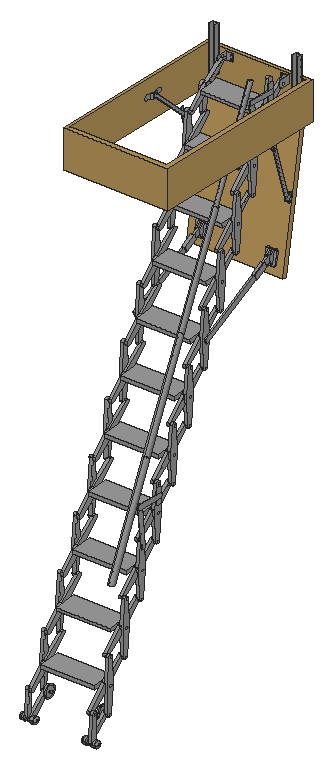
Revit family "schaartrap_Large 700x1200 mm", category Generic Models, Revit 2019 (continued)
Forms (mm)
  Extrusion 59, solid, material "gietaluminium" <- "schaartrap"
    sketch origin (-183, -691.803, -482.845) x (0, 1, 0) y (0, 0, 1)
      loop
        circle (1499.217, 2199.837) r 5.05
      loop
        circle (1503.35, 2369.787) r 5.05
      loop
        circle (1626.329, 2312.72) r 5.05
      loop
        circle (1630.463, 2482.669) r 5.05
      loop
        circle (1634.596, 2652.619) r 5.05
      loop
        circle (1757.575, 2595.552) r 5.05
      loop
        circle (1761.709, 2765.501) r 5.05
      loop
        circle (1765.842, 2935.451) r 5.05
      loop
        circle (1888.821, 2878.384) r 5.05
      loop
        circle (1892.955, 3048.333) r 5.05
      loop
        circle (1897.088, 3218.283) r 5.05
      loop
        circle (2020.067, 3161.216) r 5.05
      loop
        circle (2024.201, 3331.165) r 5.05
      loop
        circle (2028.334, 3501.115) r 5.05
    from 406 to 411
  Extrusion 60, solid, material "gietaluminium" <- "schaartrap"
    sketch origin (-190, 1075.218, -14.204) x (0, 1, 0) y (0, 0, 1)
      loop
        arc (-952.335, 115.163) -> (-889.836, 135.606) -> (-930.932, 186.941) r 40
        arc (-930.932, 186.941) -> (-966.5, 158.467) -> (-952.335, 115.163) r 40
      loop
        arc (-949.488, 116.796) -> (-892.75, 136.334) -> (-929.173, 184.023) r 37
        arc (-929.173, 184.023) -> (-963.586, 157.739) -> (-949.488, 116.796) r 37
    from 359 to 370
  Extrusion 61, solid, material "gietaluminium" <- "schaartrap"
    sketch origin (0, 1075.218, -14.204) x (0, 1, 0) y (0, 0, 1)
      loop
        arc (-929.173, 184.023) -> (-963.586, 157.739) -> (-949.488, 116.796) r 37
        arc (-949.488, 116.796) -> (-892.75, 136.334) -> (-929.173, 184.023) r 37
    from 173 to 176.5
  Extrusion 62, solid, material "gietaluminium" <- "schaartrap"
    sketch origin (518, 1075.218, -14.204) x (0, 1, 0) y (0, 0, -1)
      loop
        circle (-928.168, -147.037) r 5
    from 359 to 335
  Extrusion 63, solid, material "gietaluminium" <- "schaartrap"
    sketch origin (0, 1397.252, 589.921) x (0, 0.911966, 0.410266) y (0, -0.410266, 0.911966)
      loop
        line (738.558, 1486.986) -> (737.103, 1516.95) -> (144.506, 1488.184) -> (145.96, 1458.219) -> (738.558, 1486.986)
      loop
        circle (160.215, 1473.929) r 5.25
      loop
        circle (180.192, 1474.899) r 5.25
      loop
        circle (200.168, 1475.868) r 5.25
    from 223 to 238
  Extrusion 64, solid, material "gietaluminium" <- "schaartrap"
    sketch origin (0, 1481.317, 678.602) x (0, 0.911966, 0.410266) y (0, -0.410266, 0.911966)
      loop
        line (571.9, 1435.495) -> (570.203, 1470.454) -> (480.308, 1466.09) -> (482.005, 1431.132) -> (571.9, 1435.495)
    from 220 to 241
  Extrusion 65, solid, material "gietaluminium" <- "schaartrap"
    sketch origin (0, 560.741, 33.429) x (0, 1, 0) y (0, 0, 1)
      loop
        line (909.557, 2267.866) -> (879.657, 2238.071) -> (878.16, 2236.332)
        arc (878.16, 2236.332) -> (875.317, 2228.913) -> (876.662, 2221.083) r 15
        line (876.662, 2221.083) -> (894.568, 2182.859) -> (909.557, 2267.866)
      loop
        circle (890.245, 2227.446) r 4
    from 238 to 246
  Extrusion 66, solid, material "gietaluminium" <- "schaartrap"
    sketch origin (-23, 572.53, 33.429) x (0, 1, 0) y (0, 0, 1)
      loop
        line (897.768, 2267.866) -> (867.868, 2238.071) -> (866.371, 2236.332)
        arc (866.371, 2236.332) -> (863.528, 2228.913) -> (864.873, 2221.083) r 15
        line (864.873, 2221.083) -> (882.779, 2182.859) -> (897.768, 2267.866)
      loop
        circle (878.456, 2227.446) r 4
    from 238 to 246
  Extrusion 67, solid, material "gietaluminium" <- "schaartrap"
    sketch origin (9.5, 568.39, 63.512) x (0, -0.999989, -0.004751) y (0, -0.004751, 0.999989)
      loop
        line (-939.22, 2544.24) -> (-830.858, 2908.254) -> (-850.026, 2913.96) -> (-957.279, 2553.676) -> (-939.22, 2544.24)
    from -294 to -290
  Extrusion 68, solid, material "gietaluminium" <- "schaartrap"
    sketch origin (9.5, 556.226, 59.034) x (0, -1, 0) y (0, 0, 1)
      loop
        line (-940.89, 2553.899) -> (-976.995, 2573.203) -> (-966.577, 2514.114) -> (-939.251, 2544.603)
        arc (-939.251, 2544.603) -> (-937.81, 2549.65) -> (-940.89, 2553.899) r 6
      loop
        circle (-951.597, 2547.218) r 4
    from -298 to -294
  Extrusion 69, solid, material "gietaluminium" <- "schaartrap"
    sketch origin (9.5, 554.676, 59.45) x (0, -1, 0) y (0, 0, 1)
      loop
        circle (-850.772, 2884.573) r 4
    from -299 to -294
  Extrusion 70, solid, material "gietaluminium" <- "schaartrap"
    sketch origin (629, 1089.3, 0) x (0, 1, 0) y (0, 0, -1)
      loop
        circle (-1069.3, -20) r 20
    from 446 to 466
  Sweep 71, solid, material "gietaluminium" <- "schaartrap"
    path origin (163, 1089.3, 0) x (0, 1, 0) y (0, 0, -1)
      loop
        circle (-1069.3, -20) r 20
    profile origin (163, 20, 40) x (0, 0, 1) y (-1, 0, 0)
      loop
        line (-7.976, 0) -> (0, 0)
        arc (0, 0) -> (-2.238, 6.396) -> (-7.976, 10) r 10.257
        line (-7.976, 10) -> (-7.976, 0)
  Extrusion 72, solid, material "gietaluminium" <- "schaartrap"
    sketch origin (-223, 1089.3, 0) x (0, 1, 0) y (0, 0, 1)
      loop
        circle (-1069.3, 20) r 20
    from 446 to 466
  Sweep 73, solid, material "gietaluminium" <- "schaartrap"
    path origin (243, 1089.3, 0) x (0, 1, 0) y (0, 0, 1)
      loop
        circle (-1069.3, 20) r 20
    profile origin (243, 20, 40) x (0, 0, -1) y (1, 0, 0)
      loop
        line (7.976, 0) -> (7.976, 10)
        arc (7.976, 10) -> (2.238, 6.396) -> (0, 0) r 10.257
        line (0, 0) -> (7.976, 0)
  Extrusion 74, solid, material "gietaluminium" <- "schaartrap"
    sketch origin (0, -288.139, -495.345) x (0, 1, 0) y (0, 0, 1)
      loop
        circle (439.322, 785.677) r 21
      loop
        circle (570.569, 1068.501) r 21
      loop
        circle (701.815, 1351.333) r 21
      loop
        circle (833.061, 1634.173) r 21
      loop
        circle (964.307, 1916.997) r 21
      loop
        circle (1095.553, 2199.83) r 21
      loop
        circle (1226.799, 2482.662) r 21
      loop
        circle (1358.046, 2765.494) r 21
      loop
        circle (1489.292, 3048.326) r 21
      loop
        circle (1620.538, 3331.158) r 21
      loop
        circle (1751.784, 3613.99) r 21
    from 183 to 180
  Extrusion 75, solid, material "gietaluminium" <- "schaartrap"
    sketch origin (0, 555.226, 0) x (-1, 0, 0) y (0, -1, 0)
      loop
        line (-318.5, -670.781) -> (-315.5, -670.781) -> (-315.5, -648.68) -> (-299.5, -637.477) -> (-299.5, -605.584) -> (-315.5, -594.381) -> (-315.5, -572.281) -> (-318.5, -572.281) -> (-318.5, -595.943) -> (-302.5, -607.146) -> (-302.5, -635.915) -> (-318.5, -647.118) -> (-318.5, -670.781)
    from 3135.001 to 3165.001
  Extrusion 76, solid, material "gietaluminium" <- "schaartrap"
    sketch origin (0, 555.226, 0) x (0, -1, 0) y (0, 0, 1)
      loop
        arc (-670.781, 3165.001) -> (-685.781, 3150.001) -> (-670.781, 3135.001) r 15
        line (-670.781, 3135.001) -> (-670.781, 3165.001)
      loop
        line (-572.281, 3165.001) -> (-572.281, 3135.001)
        arc (-572.281, 3135.001) -> (-557.281, 3150.001) -> (-572.281, 3165.001) r 15
    from -318.5 to -315.5
  Extrusion 77, solid, material "gietaluminium" <- "schaartrap"
    sketch origin (-9.5, -183.415, -47.26) x (0, 0.992588, 0.121526) y (0, -0.121526, 0.992588)
      loop
        arc (1745.34, 3015.243) -> (1731.238, 3016.309) -> (1730.173, 3002.207) r 10
        line (1730.173, 3002.207) -> (1938.21, 2760.168)
        arc (1938.21, 2760.168) -> (1949.392, 2762.227) -> (1953.806, 2772.705) r 11.968
        line (1953.806, 2772.705) -> (1745.34, 3015.243)
    from -290 to -286
  Extrusion 78, solid, material "gietaluminium" <- "schaartrap"
    sketch origin (9.5, 183.415, -47.26) x (0, -0.992588, 0.121526) y (0, 0.121526, 0.992588)
      loop
        line (-602.244, 3302.667) -> (-863.066, 3117.586)
        arc (-863.066, 3117.586) -> (-861.31, 3106.352) -> (-850.955, 3101.656) r 11.968
        line (-850.955, 3101.656) -> (-590.67, 3286.357)
        arc (-590.67, 3286.357) -> (-588.302, 3300.299) -> (-602.244, 3302.667) r 10
    from -290 to -286
  Extrusion 79, solid, material "gietaluminium" <- "schaartrap"
    sketch origin (16, 566.635, 120) x (1, 0, 0) y (0, 1, 0)
      loop
        line (-174, 1074.122) -> (-223, 1074.122) -> (-223, 1000.712) -> (-219, 1000.712) -> (-219, 1070.122) -> (-174, 1070.122) -> (-174, 1074.122)
    from 3070.001 to 3120.001
  Extrusion 80, void
    sketch origin (0, 576.676, 110.097) x (0, 1, 0) y (0, 0, 1)
      loop
        circle (1012.7, 3103.203) r 5.05
    from -228 to 250
  Extrusion 81, void
    sketch origin (0, 566.635, 120) x (1, 0, 0) y (0, 0, 1)
      loop
        circle (-167.264, 3109) r 5
      loop
        circle (-167.264, 3080.25) r 5
    from -1074.122 to -1070.122
  Extrusion 82, void
    sketch origin (0, 566.635, -30) x (0, 1, 0) y (0, 0, 1)
      loop
        line (1022.741, 3270.001) -> (994.712, 3270.001) -> (994.712, 3220.001) -> (1022.741, 3220.001)
        arc (1022.741, 3220.001) -> (997.741, 3245.001) -> (1022.741, 3270.001) r 25
    from -231.94 to 250
  Extrusion 83, solid
    sketch origin (0, 566.635, -30) x (0, 1, 0) y (0, 0, 1)
      loop
        circle (1022.741, 3243.3) r 5.05
    from -207 to -212
  Extrusion 84, solid
    sketch origin (0, 566.635, -30) x (0, 1, 0) y (0, 0, -1)
      loop
        circle (1022.741, -3243.3) r 5.05
    from -207 to -212
  Extrusion 85, solid, material "gietaluminium" <- "schaartrap"
    sketch origin (-16, 566.635, 120) x (-1, 0, 0) y (0, -1, 0)
      loop
        line (-174, -1074.122) -> (-174, -1070.122) -> (-219, -1070.122) -> (-219, -1000.712) -> (-223, -1000.712) -> (-223, -1074.122) -> (-174, -1074.122)
    from 3070.001 to 3120.001
  Extrusion 86, void
    sketch origin (0, 566.635, 120) x (-1, 0, 0) y (0, 0, -1)
      loop
        circle (-167.264, -3109) r 5
      loop
        circle (-167.264, -3080.25) r 5
    from -1076.122 to -1062.325
  Extrusion 87, solid, material "gietaluminium" <- "schaartrap"
    sketch origin (-4822.485, -1837.572, 39.034) x (1, 0, 0) y (0, 1, 0)
      loop
        line (4529.985, 3475.327) -> (4529.985, 3448.329) -> (4531.985, 3448.329) -> (4531.985, 3475.327)
        arc (4531.985, 3475.327) -> (4532.278, 3476.035) -> (4532.986, 3476.329) r 1.001
        line (4532.986, 3476.329) -> (4566.985, 3476.329)
        arc (4566.985, 3476.329) -> (4567.692, 3476.036) -> (4567.985, 3475.329) r 1
        line (4567.985, 3475.329) -> (4567.985, 3448.329) -> (4569.985, 3448.329) -> (4569.985, 3475.329)
        arc (4569.985, 3475.329) -> (4569.106, 3477.45) -> (4566.985, 3478.329) r 3
        line (4566.985, 3478.329) -> (4532.986, 3478.329)
        arc (4532.986, 3478.329) -> (4530.864, 3477.45) -> (4529.985, 3475.327) r 3.001
    from 3050.001 to 3350.001
  Extrusion 88, void
    sketch origin (0, 578.044, -70) x (0, 1, 0) y (0, 0, -1)
      loop
        circle (1047.17, -3434.035) r 5.25
      loop
        circle (1047.17, -3414.035) r 5.25
      loop
        circle (1047.17, -3394.035) r 5.25
      loop
        circle (1047.17, -3374.035) r 5.25
      loop
        circle (1047.17, -3354.035) r 5.25
      loop
        circle (1047.17, -3334.035) r 5.25
      loop
        circle (1047.17, -3314.035) r 5.25
      loop
        circle (1047.17, -3294.035) r 5.25
      loop
        circle (1047.17, -3274.035) r 5.25
      loop
        circle (1047.17, -3254.035) r 5.25
      loop
        circle (1047.17, -3234.035) r 5.25
      loop
        circle (1047.17, -3214.035) r 5.25
      loop
        circle (1047.17, -3194.035) r 5.25
      loop
        circle (1047.17, -3174.035) r 5.25
      loop
        line (1040.712, -3159.035) -> (1040.712, -3153.033) -> (1026.715, -3153.033) -> (1026.715, -3168.033) -> (1031.715, -3168.033)
        arc (1031.715, -3168.033) -> (1034.35, -3161.67) -> (1040.712, -3159.035) r 8.998
    from -292.5 to -252.5
  Extrusion 89, solid, material "gietaluminium" <- "schaartrap"
    sketch origin (4822.485, -1837.572, 39.034) x (-1, 0, 0) y (0, -1, 0)
      loop
        arc (4529.985, -3475.327) -> (4530.864, -3477.45) -> (4532.986, -3478.329) r 3.001
        line (4532.986, -3478.329) -> (4566.985, -3478.329)
        arc (4566.985, -3478.329) -> (4569.106, -3477.45) -> (4569.985, -3475.329) r 3
        line (4569.985, -3475.329) -> (4569.985, -3448.329) -> (4567.985, -3448.329) -> (4567.985, -3475.329)
        arc (4567.985, -3475.329) -> (4567.692, -3476.036) -> (4566.985, -3476.329) r 1
        line (4566.985, -3476.329) -> (4532.986, -3476.329)
        arc (4532.986, -3476.329) -> (4532.278, -3476.035) -> (4531.985, -3475.327) r 1.001
        line (4531.985, -3475.327) -> (4531.985, -3448.329) -> (4529.985, -3448.329) -> (4529.985, -3475.327)
    from 3050.001 to 3350.001
  Extrusion 90, solid, material "gietaluminium" <- "schaartrap"
    sketch origin (0, 813.018, 1711.316) x (0, 0.98948, -0.144668) y (0, 0.144668, 0.98948)
      loop
        line (257, 1578.327) -> (319.569, 1325.967)
        arc (319.569, 1325.967) -> (335.331, 1324.724) -> (348.687, 1333.187) r 25
        line (348.687, 1333.187) -> (286.119, 1585.546)
        arc (286.119, 1585.546) -> (270.356, 1586.789) -> (257, 1578.327) r 25
    from 228 to 223
  Extrusion 91, solid, material "gietaluminium" <- "schaartrap"
    sketch origin (0, 813.015, 1711.345) x (0, 0.98948, -0.144669) y (0, 0.144669, 0.98948)
      loop
        line (435.226, 1611.925) -> (260.054, 1590.65)
        arc (260.054, 1590.65) -> (257.872, 1575.275) -> (263.671, 1560.869) r 30
        line (263.671, 1560.869) -> (438.843, 1582.144)
        arc (438.843, 1582.144) -> (441.025, 1597.519) -> (435.226, 1611.925) r 30
    from 228 to 233
  Extrusion 92, solid, material "gietaluminium" <- "schaartrap"
    sketch origin (0, 813.015, 1711.345) x (0, 0.98948, -0.144669) y (0, 0.144669, 0.98948)
      loop
        arc (417.587, 1545.835) -> (432.962, 1543.654) -> (447.368, 1549.452) r 30
        line (447.368, 1549.452) -> (435.678, 1645.707)
        arc (435.678, 1645.707) -> (420.302, 1647.888) -> (405.896, 1642.09) r 30
        line (405.896, 1642.09) -> (417.587, 1545.835)
    from 223 to 228
  Extrusion 93, solid, material "gietaluminium" <- "schaartrap"
    sketch origin (0, 954.414, 1672.129) x (0, 0.998572, -0.053426) y (0, 0.053426, 0.998572)
      loop
        line (280.038, 1590.328) -> (241.715, 1605.678) -> (230.56, 1577.829) -> (269.458, 1562.249)
        arc (269.458, 1562.249) -> (279.429, 1574.524) -> (280.038, 1590.328) r 25
    from 218 to 223
  Extrusion 94, solid, material "gietaluminium" <- "schaartrap", not visible
    sketch origin (0, 739.741, 2235.875) x (0, 0.995796, -0.091598) y (0, 0.091598, 0.995796)
      loop
        line (257, 1578.327) -> (319.569, 1325.967)
        arc (319.569, 1325.967) -> (335.331, 1324.724) -> (348.687, 1333.187) r 25
        line (348.687, 1333.187) -> (286.119, 1585.546)
        arc (286.119, 1585.546) -> (270.356, 1586.789) -> (257, 1578.327) r 25
    from 228 to 223
  Extrusion 95, solid, material "gietaluminium" <- "schaartrap", not visible
    sketch origin (0, 739.736, 2235.904) x (0, 0.995796, -0.091598) y (0, 0.091598, 0.995796)
      loop
        line (435.226, 1611.925) -> (260.054, 1590.65)
        arc (260.054, 1590.65) -> (257.872, 1575.275) -> (263.671, 1560.869) r 30
        line (263.671, 1560.869) -> (438.843, 1582.144)
        arc (438.843, 1582.144) -> (441.025, 1597.519) -> (435.226, 1611.925) r 30
    from 228 to 233
  Extrusion 96, solid, material "gietaluminium" <- "schaartrap", not visible
    sketch origin (0, 739.736, 2235.904) x (0, 0.995796, -0.091598) y (0, 0.091598, 0.995796)
      loop
        arc (417.587, 1545.835) -> (432.962, 1543.654) -> (447.368, 1549.452) r 30
        line (447.368, 1549.452) -> (435.678, 1645.707)
        arc (435.678, 1645.707) -> (420.302, 1647.888) -> (405.896, 1642.09) r 30
        line (405.896, 1642.09) -> (417.587, 1545.835)
    from 223 to 228
  Extrusion 97, solid, material "gietaluminium" <- "schaartrap", not visible
    sketch origin (0, 883.028, 2204.298) x (0, 1, 0) y (0, 0, 1)
      loop
        line (280.038, 1590.328) -> (241.715, 1605.678) -> (230.56, 1577.829) -> (269.458, 1562.249)
        arc (269.458, 1562.249) -> (279.429, 1574.524) -> (280.038, 1590.328) r 25
    from 218 to 223
  Extrusion 98, solid, material "gietaluminium" <- "schaartrap"
    sketch origin (0, 566.635, 0) x (0, 1, 0) y (0, 0, 1)
      loop
        arc (890.274, 3302.769) -> (875.017, 3131.672) -> (881.937, 2960.036) r 1330.136
        arc (881.937, 2960.036) -> (892.609, 2950.191) -> (903.748, 2959.505) r 11
        arc (903.748, 2959.505) -> (919.004, 3130.602) -> (912.084, 3302.239) r 1330.136
        arc (912.084, 3302.239) -> (901.412, 3312.084) -> (890.274, 3302.769) r 11
    from 203 to 223
  Extrusion 99, solid, material "gietaluminium" <- "schaartrap"
    sketch origin (-360, 566.635, 0) x (0, 1, 0) y (0, 0, 1)
      loop
        arc (875.439, 3120.858) -> (876.38, 3040.166) -> (882.216, 2959.68) r 1329.307
        arc (882.216, 2959.68) -> (892.494, 2950.164) -> (903.247, 2959.138) r 10.606
        arc (903.247, 2959.138) -> (912.697, 3035.887) -> (917.259, 3113.081) r 1218.578
        arc (917.259, 3113.081) -> (900.33, 3138.378) -> (875.439, 3120.858) r 21.275
    from 137 to 157
  Extrusion 100, solid, material "gietaluminium" <- "schaartrap"
    sketch origin (-629, 1089.3, 0) x (0, 1, 0) y (0, 0, 1)
      loop
        circle (-1069.3, 20) r 20
    from 446 to 466
  Sweep 101, solid, material "gietaluminium" <- "schaartrap"
    path origin (-163, 1089.3, 0) x (0, 1, 0) y (0, 0, 1)
      loop
        circle (-1069.3, 20) r 20
    profile origin (-163, 20, 40) x (0, 0, -1) y (1, 0, 0)
      loop
        line (7.976, 0) -> (7.976, 10)
        arc (7.976, 10) -> (2.238, 6.396) -> (0, 0) r 10.257
        line (0, 0) -> (7.976, 0)
  Extrusion 102, solid, material "gietaluminium" <- "schaartrap"
    sketch origin (223, 1089.3, 0) x (0, 1, 0) y (0, 0, -1)
      loop
        circle (-1069.3, -20) r 20
    from 446 to 466
  Sweep 103, solid, material "gietaluminium" <- "schaartrap"
    path origin (-243, 1089.3, 0) x (0, 1, 0) y (0, 0, -1)
      loop
        circle (-1069.3, -20) r 20
    profile origin (-243, 20, 40) x (0, 0, 1) y (-1, 0, 0)
      loop
        line (-7.976, 0) -> (0, 0)
        arc (0, 0) -> (-2.238, 6.396) -> (-7.976, 10) r 10.257
        line (-7.976, 10) -> (-7.976, 0)
Cuts and joins
  joined: Sweep 16, Extrusion 30
  joined: Sweep 19, Extrusion 93
  Extrusion 43, Extrusion 81, Extrusion 86 cuts Sweep 15
  Extrusion 43, Extrusion 49 cuts Extrusion 42
  joined: Extrusion 42, Extrusion 48
  joined: Extrusion 37, Extrusion 38
  Extrusion 43 cuts Extrusion 75
  joined: Extrusion 75, Extrusion 76
  Extrusion 49 cuts Extrusion 77
  Extrusion 49 cuts Extrusion 78
  Extrusion 80, Extrusion 81, Extrusion 82, Extrusion 86 cuts Extrusion 79
  Extrusion 82, Extrusion 86 cuts Extrusion 85
  Extrusion 54, Extrusion 88 cuts Extrusion 87
  Extrusion 88 cuts Extrusion 89
Lines and regions (mm)
  symbolic lines, visible <- "bovenliggende treden"
    curve 1: line (0, 613.772, 0) -> (0, 81.45, 0)
  model lines, style "schaartrap stippel"
    curve 2: line (342.5, 476.757, 0) -> (-342.5, 476.757, 0)
    curve 3: line (342.5, 1666.757, 0) -> (342.5, 476.757, 0)
    curve 4: line (-342.5, 1666.757, 0) -> (342.5, 1666.757, 0)
    curve 5: line (-342.5, 476.757, 0) -> (-342.5, 1666.757, 0)
  model lines, style "schaartrap stippel", visible <- "bovenliggende treden"
    curve 6: line (-176.5, 1401.249, 0) -> (176.5, 1401.249, 0)
    curve 7: line (-176.5, 1270.003, 0) -> (176.5, 1270.003, 0)
    curve 8: line (-176.5, 1532.495, 0) -> (176.5, 1532.495, 0)
    curve 9: line (-176.5, 1138.757, 0) -> (176.5, 1138.757, 0)
    curve 10: line (-176.5, 1007.511, 0) -> (176.5, 1007.511, 0)
    curve 11: line (-176.5, 876.264, 0) -> (176.5, 876.264, 0)
    curve 12: line (-176.5, 745.018, 0) -> (176.5, 745.018, 0)
    curve 13: line (-176.5, 613.772, 0) -> (-176.5, 1666.757, 0)
    curve 14: line (176.5, 613.772, 0) -> (176.5, 1666.757, 0)
    curve 15: line (0, 613.772, 0) -> (0, 1621.757, 0)
    curve 16: line (0, 1666.757, 0) -> (25.981, 1621.757, 0)
    curve 17: line (25.981, 1621.757, 0) -> (0, 1621.757, 0)
    curve 18: line (0, 1666.757, 0) -> (-25.981, 1621.757, 0)
    curve 19: line (-25.981, 1621.757, 0) -> (0, 1621.757, 0)
  model lines
    curve 20: line (0, 79.344, 308.926) -> (0, 1618.979, 3629.6)
    curve 21: line (0, 1668.603, 3736.628) -> (34.056, 1618.979, 3629.6)
    curve 22: line (34.056, 1618.979, 3629.6) -> (0, 1618.979, 3629.6)
    curve 23: line (-34.056, 1618.979, 3629.6) -> (0, 1618.979, 3629.6)
    curve 24: line (0, 1668.603, 3736.628) -> (-34.056, 1618.979, 3629.6)
Dimensions and locks
  equal spacing: plane 4, plane 3 "Center (Left/Right)", plane 5
  locked: plane 4 to plane 5 at 366
  plane 5 to plane 8 to plane 9 = 20 mm locked, 20 mm locked
  plane 7 to plane 6 to plane 4 = 20 mm locked, 20 mm locked
  plane 5 to plane 10 = 6.5 mm
  locked: plane 12 to level at 3000.001
  equal spacing: plane 14, plane 3 "Center (Left/Right)", plane 13
  locked: plane 14 to plane 13 at 685
  plane 4 to plane 15 = 6.5 mm
  locked: plane 13 to plane 16 at 25
  locked: plane 14 to plane 17 at 25
  plane 18 to plane 4 = 4 mm
  plane 20 to plane 21 to plane 19 = 15 mm, 15 mm
  locked: plane 22 to plane 23 at 1190
  plane 14 to plane 13 = 685 mm
  plane 25 "Center L/S" to plane 12 to level = 250 mm, 3000.001 mm
  aligned and locked: level to plane 2
  aligned and locked: plane 15 to Extrusion 4
  aligned and locked: plane 10 to Extrusion 4
  aligned and locked: Extrusion 10 to Extrusion 9
  aligned and locked: Sweep 15 sketch curve to plane 13
  aligned and locked: plane 14 to Sweep 15 sketch curve
  aligned and locked: plane 17 to Extrusion 14
  aligned and locked: Extrusion 14 to plane 16
  aligned and locked: plane 20 to Extrusion 42
  aligned and locked: Extrusion 42 to plane 19
  aligned and locked: Extrusion 58 to Extrusion 59
  aligned and locked: Sweep 15 sketch curve to plane 22
  aligned and locked: Extrusion 99 to Extrusion 9  (x2)
  aligned and locked: plane 23 to Sweep 15 sketch curve
Automatic sketch dimensions
  Extrusion 5 sketch curve to Extrusion 5 sketch curve = 0 mm  (x12)
  Extrusion 5 sketch curve to Extrusion 5 sketch curve = 1.005 mm
  Extrusion 5 sketch curve to Extrusion 5 sketch curve = 1.759 mm
  Extrusion 5 sketch curve to Extrusion 5 sketch curve = 21.32 mm
  Extrusion 5 sketch curve to Extrusion 5 sketch curve = 2.848 mm
  Extrusion 5 sketch curve to Extrusion 5 sketch curve = 30.24 mm
  Extrusion 5 sketch curve to Extrusion 5 sketch curve = 1.633 mm
  Extrusion 6 sketch curve to Extrusion 6 sketch curve = 0 mm  (x2)
  Extrusion 6 sketch curve to Extrusion 6 sketch curve = 1.005 mm
  Extrusion 6 sketch curve to Extrusion 6 sketch curve = 21.32 mm
  Extrusion 6 sketch curve to Extrusion 6 sketch curve = 30.24 mm
  Extrusion 11 sketch curve to Extrusion 11 sketch curve = 0 mm  (x12)
  Extrusion 11 sketch curve to Extrusion 11 sketch curve = 1.005 mm
  Extrusion 11 sketch curve to Extrusion 11 sketch curve = 1.759 mm
  Extrusion 11 sketch curve to Extrusion 11 sketch curve = 21.32 mm
  Extrusion 11 sketch curve to Extrusion 11 sketch curve = 2.848 mm
  Extrusion 11 sketch curve to Extrusion 11 sketch curve = 30.24 mm
  Extrusion 11 sketch curve to Extrusion 11 sketch curve = 1.633 mm
  Extrusion 12 sketch curve to Extrusion 12 sketch curve = 0 mm  (x2)
  Extrusion 12 sketch curve to Extrusion 12 sketch curve = 1.005 mm
  Extrusion 12 sketch curve to Extrusion 12 sketch curve = 21.32 mm
  Extrusion 12 sketch curve to Extrusion 12 sketch curve = 30.24 mm
  Extrusion 13 sketch curve to Extrusion 13 sketch curve = 0 mm  (x2)
  Extrusion 13 sketch curve to Extrusion 13 sketch curve = 5 mm
  Sweep 16 sketch curve to profile plane = 0 mm  (x2)
  Sweep 17 sketch curve to profile plane = 0 mm  (x2)
  Sweep 18 sketch curve to profile plane = 0 mm  (x2)
  Sweep 19 sketch curve to profile plane = 0 mm  (x2)
  Sweep 16 sketch curve to Sweep 16 sketch curve = 257.672 mm
  Sweep 16 sketch curve to Sweep 16 sketch curve = 643.315 mm
  Sweep 17 sketch curve to Sweep 17 sketch curve = 248.806 mm
  Sweep 17 sketch curve to Sweep 17 sketch curve = 621.178 mm
  Sweep 18 sketch curve to Sweep 18 sketch curve = 253.256 mm
  Sweep 18 sketch curve to Sweep 18 sketch curve = 632.288 mm
  Sweep 19 sketch curve to Sweep 19 sketch curve = 253.333 mm
  Sweep 19 sketch curve to Sweep 19 sketch curve = 632.48 mm
  Sweep 23 sketch curve to profile plane = 0 mm  (x2)
  Sweep 24 sketch curve to profile plane = 0 mm  (x2)
  Sweep 25 sketch curve to profile plane = 0 mm  (x2)
  Sweep 26 sketch curve to profile plane = 0 mm  (x2)
  Sweep 23 sketch curve to Sweep 23 sketch curve = 257.672 mm
  Sweep 23 sketch curve to Sweep 23 sketch curve = 643.315 mm
  Sweep 24 sketch curve to Sweep 24 sketch curve = 248.806 mm
  Sweep 24 sketch curve to Sweep 24 sketch curve = 621.178 mm
  Sweep 25 sketch curve to Sweep 25 sketch curve = 253.256 mm
  Sweep 25 sketch curve to Sweep 25 sketch curve = 632.288 mm
  Sweep 26 sketch curve to Sweep 26 sketch curve = 253.333 mm
  Sweep 26 sketch curve to Sweep 26 sketch curve = 632.48 mm
  Extrusion 30 sketch curve to Extrusion 30 sketch curve = 13.423 mm
  Extrusion 30 sketch curve to Extrusion 30 sketch curve = 11.554 mm
  Extrusion 30 sketch curve to Extrusion 30 sketch curve = 22.709 mm
  Extrusion 30 sketch curve to Extrusion 30 sketch curve = 6.618 mm
  Extrusion 30 sketch curve to Extrusion 30 sketch curve = 21.231 mm
  Extrusion 37 sketch curve to Extrusion 37 sketch curve = 30 mm  (x2)
  Extrusion 37 sketch curve to Extrusion 37 sketch curve = 593.295 mm
  Extrusion 38 sketch curve to Extrusion 38 sketch curve = 35 mm  (x2)
  Extrusion 38 sketch curve to Extrusion 38 sketch curve = 90 mm
  Extrusion 39 sketch curve to Extrusion 39 sketch curve = 86.318 mm
  Extrusion 39 sketch curve to Extrusion 39 sketch curve = 44.796 mm
  Extrusion 39 sketch curve to Extrusion 39 sketch curve = 15 mm  (x3)
  Extrusion 39 sketch curve to Extrusion 39 sketch curve = 2.295 mm  (x2)
  Extrusion 39 sketch curve to Extrusion 39 sketch curve = 42.21 mm  (x2)
  Extrusion 40 sketch curve to Extrusion 40 sketch curve = 86.318 mm
  Extrusion 40 sketch curve to Extrusion 40 sketch curve = 44.796 mm
  Extrusion 40 sketch curve to Extrusion 40 sketch curve = 15 mm  (x3)
  Extrusion 40 sketch curve to Extrusion 40 sketch curve = 2.295 mm  (x2)
  Extrusion 40 sketch curve to Extrusion 40 sketch curve = 42.21 mm  (x2)
  Extrusion 39 sketch curve to Extrusion 39 sketch curve = 1.498 mm
  Extrusion 39 sketch curve to Extrusion 39 sketch curve = 1.497 mm
  Extrusion 39 sketch curve to Extrusion 39 sketch curve = 13.583 mm
  Extrusion 39 sketch curve to Extrusion 39 sketch curve = 17.907 mm
  Extrusion 39 sketch curve to Extrusion 39 sketch curve = 29.9 mm
  Extrusion 39 sketch curve to Extrusion 39 sketch curve = 38.224 mm
  Extrusion 39 sketch curve to Extrusion 39 sketch curve = 6.363 mm
  Extrusion 39 sketch curve to Extrusion 39 sketch curve = 1.74 mm
  Extrusion 39 sketch curve to Extrusion 39 sketch curve = 29.794 mm
  Extrusion 40 sketch curve to Extrusion 40 sketch curve = 1.498 mm
  Extrusion 40 sketch curve to Extrusion 40 sketch curve = 1.497 mm
  Extrusion 40 sketch curve to Extrusion 40 sketch curve = 13.583 mm
  Extrusion 40 sketch curve to Extrusion 40 sketch curve = 17.907 mm
  Extrusion 40 sketch curve to Extrusion 40 sketch curve = 29.9 mm
  Extrusion 40 sketch curve to Extrusion 40 sketch curve = 38.224 mm
  Extrusion 40 sketch curve to Extrusion 40 sketch curve = 6.363 mm
  Extrusion 40 sketch curve to Extrusion 40 sketch curve = 1.74 mm
  Extrusion 40 sketch curve to Extrusion 40 sketch curve = 29.794 mm
  Extrusion 45 sketch curve to Extrusion 45 sketch curve = 1.639 mm
  Extrusion 45 sketch curve to Extrusion 45 sketch curve = 2.829 mm
  Extrusion 45 sketch curve to Extrusion 45 sketch curve = 7.878 mm
  Extrusion 45 sketch curve to Extrusion 45 sketch curve = 14.979 mm
  Extrusion 45 sketch curve to Extrusion 45 sketch curve = 25.398 mm
  Extrusion 45 sketch curve to Extrusion 45 sketch curve = 30.489 mm
  Extrusion 45 sketch curve to Extrusion 45 sketch curve = 2.615 mm
  Extrusion 45 sketch curve to Extrusion 45 sketch curve = 4.005 mm
  Extrusion 45 sketch curve to Extrusion 45 sketch curve = 25.984 mm
  Extrusion 10 sketch curve to Extrusion 10 sketch curve = 4.134 mm  (x17)
  Extrusion 10 sketch curve to Extrusion 10 sketch curve = 122.979 mm  (x8)
  Extrusion 10 sketch curve to Extrusion 10 sketch curve = 127.112 mm  (x2)
  Extrusion 10 sketch curve to Extrusion 10 sketch curve = 3.994 mm
  Extrusion 10 sketch curve to Extrusion 10 sketch curve = 123.118 mm
  Extrusion 10 sketch curve to Extrusion 10 sketch curve = 57.115 mm
  Extrusion 10 sketch curve to Extrusion 10 sketch curve = 112.882 mm  (x11)
  Extrusion 10 sketch curve to Extrusion 10 sketch curve = 57.067 mm  (x8)
  Extrusion 10 sketch curve to Extrusion 10 sketch curve = 169.95 mm  (x9)
  Extrusion 3 sketch curve to Extrusion 3 sketch curve = 4.134 mm  (x17)
  Extrusion 3 sketch curve to Extrusion 3 sketch curve = 122.979 mm  (x8)
  Extrusion 3 sketch curve to Extrusion 3 sketch curve = 127.112 mm  (x2)
  Extrusion 3 sketch curve to Extrusion 3 sketch curve = 3.994 mm
  Extrusion 3 sketch curve to Extrusion 3 sketch curve = 123.118 mm
  Extrusion 3 sketch curve to Extrusion 3 sketch curve = 57.115 mm
  Extrusion 3 sketch curve to Extrusion 3 sketch curve = 112.882 mm  (x11)
  Extrusion 3 sketch curve to Extrusion 3 sketch curve = 57.067 mm  (x8)
  Extrusion 3 sketch curve to Extrusion 3 sketch curve = 169.95 mm  (x9)
  Extrusion 55 sketch curve to Extrusion 55 sketch curve = 131.247 mm  (x2)
  Extrusion 55 sketch curve to Extrusion 55 sketch curve = 282.832 mm  (x7)
  Extrusion 55 sketch curve to Extrusion 55 sketch curve = 282.824 mm  (x2)
  Extrusion 55 sketch curve to Extrusion 55 sketch curve = 282.84 mm
  Extrusion 55 sketch curve to Extrusion 55 sketch curve = 131.246 mm  (x7)
  Extrusion 55 sketch curve to Extrusion 55 sketch curve = 131.245 mm
  Extrusion 60 sketch curve to Extrusion 60 sketch curve = 0 mm  (x12)
  Extrusion 60 sketch curve to Extrusion 60 sketch curve = 1.005 mm
  Extrusion 60 sketch curve to Extrusion 60 sketch curve = 1.759 mm
  Extrusion 60 sketch curve to Extrusion 60 sketch curve = 21.32 mm
  Extrusion 60 sketch curve to Extrusion 60 sketch curve = 2.848 mm
  Extrusion 60 sketch curve to Extrusion 60 sketch curve = 30.24 mm
  Extrusion 60 sketch curve to Extrusion 60 sketch curve = 1.633 mm
  Extrusion 61 sketch curve to Extrusion 61 sketch curve = 0 mm  (x2)
  Extrusion 61 sketch curve to Extrusion 61 sketch curve = 1.005 mm
  Extrusion 61 sketch curve to Extrusion 61 sketch curve = 21.32 mm
  Extrusion 61 sketch curve to Extrusion 61 sketch curve = 30.24 mm
  Extrusion 62 sketch curve to Extrusion 62 sketch curve = 0 mm  (x2)
  Extrusion 62 sketch curve to Extrusion 62 sketch curve = 5 mm
  Extrusion 65 sketch curve to Extrusion 65 sketch curve = 1.498 mm
  Extrusion 65 sketch curve to Extrusion 65 sketch curve = 1.497 mm
  Extrusion 65 sketch curve to Extrusion 65 sketch curve = 13.583 mm
  Extrusion 65 sketch curve to Extrusion 65 sketch curve = 17.907 mm
  Extrusion 65 sketch curve to Extrusion 65 sketch curve = 29.9 mm
  Extrusion 65 sketch curve to Extrusion 65 sketch curve = 38.224 mm
  Extrusion 65 sketch curve to Extrusion 65 sketch curve = 6.363 mm
  Extrusion 65 sketch curve to Extrusion 65 sketch curve = 1.74 mm
  Extrusion 65 sketch curve to Extrusion 65 sketch curve = 29.794 mm
  Extrusion 66 sketch curve to Extrusion 66 sketch curve = 1.498 mm
  Extrusion 66 sketch curve to Extrusion 66 sketch curve = 1.497 mm
  Extrusion 66 sketch curve to Extrusion 66 sketch curve = 13.583 mm
  Extrusion 66 sketch curve to Extrusion 66 sketch curve = 17.907 mm
  Extrusion 66 sketch curve to Extrusion 66 sketch curve = 29.9 mm
  Extrusion 66 sketch curve to Extrusion 66 sketch curve = 38.224 mm
  Extrusion 66 sketch curve to Extrusion 66 sketch curve = 6.363 mm
  Extrusion 66 sketch curve to Extrusion 66 sketch curve = 1.74 mm
  Extrusion 66 sketch curve to Extrusion 66 sketch curve = 29.794 mm
  Extrusion 68 sketch curve to Extrusion 68 sketch curve = 1.639 mm
  Extrusion 68 sketch curve to Extrusion 68 sketch curve = 2.829 mm
  Extrusion 68 sketch curve to Extrusion 68 sketch curve = 7.878 mm
  Extrusion 68 sketch curve to Extrusion 68 sketch curve = 14.979 mm
  Extrusion 68 sketch curve to Extrusion 68 sketch curve = 25.398 mm
  Extrusion 68 sketch curve to Extrusion 68 sketch curve = 30.489 mm
  Extrusion 68 sketch curve to Extrusion 68 sketch curve = 2.615 mm
  Extrusion 68 sketch curve to Extrusion 68 sketch curve = 4.005 mm
  Extrusion 68 sketch curve to Extrusion 68 sketch curve = 25.984 mm
  Extrusion 59 sketch curve to Extrusion 59 sketch curve = 4.134 mm  (x17)
  Extrusion 59 sketch curve to Extrusion 59 sketch curve = 122.979 mm  (x8)
  Extrusion 59 sketch curve to Extrusion 59 sketch curve = 127.112 mm  (x2)
  Extrusion 59 sketch curve to Extrusion 59 sketch curve = 3.994 mm
  Extrusion 59 sketch curve to Extrusion 59 sketch curve = 123.118 mm
  Extrusion 59 sketch curve to Extrusion 59 sketch curve = 57.115 mm
  Extrusion 59 sketch curve to Extrusion 59 sketch curve = 112.882 mm  (x11)
  Extrusion 59 sketch curve to Extrusion 59 sketch curve = 57.067 mm  (x8)
  Extrusion 59 sketch curve to Extrusion 59 sketch curve = 169.95 mm  (x9)
  Extrusion 74 sketch curve to Extrusion 74 sketch curve = 131.247 mm  (x2)
  Extrusion 74 sketch curve to Extrusion 74 sketch curve = 282.832 mm  (x7)
  Extrusion 74 sketch curve to Extrusion 74 sketch curve = 282.824 mm  (x2)
  Extrusion 74 sketch curve to Extrusion 74 sketch curve = 282.84 mm
  Extrusion 74 sketch curve to Extrusion 74 sketch curve = 131.246 mm  (x7)
  Extrusion 74 sketch curve to Extrusion 74 sketch curve = 131.245 mm
  Extrusion 42 sketch curve to Extrusion 42 sketch curve = 3 mm  (x3)
  Extrusion 42 sketch curve to Extrusion 42 sketch curve = 1.562 mm  (x4)
  Extrusion 42 sketch curve to Extrusion 42 sketch curve = 11.203 mm  (x2)
  Extrusion 42 sketch curve to Extrusion 42 sketch curve = 28.769 mm
  Extrusion 37 sketch curve to Extrusion 37 sketch curve = 0 mm  (x2)
  Extrusion 37 sketch curve to Extrusion 37 sketch curve = 23.387 mm
  Extrusion 37 sketch curve to Extrusion 37 sketch curve = 348.829 mm
  Extrusion 37 sketch curve to Extrusion 37 sketch curve = 12.526 mm  (x2)
  Extrusion 37 sketch curve to Extrusion 37 sketch curve = 10.227 mm
  Extrusion 37 sketch curve to Extrusion 37 sketch curve = 18.789 mm
  Extrusion 37 sketch curve to Extrusion 37 sketch curve = 21.088 mm
  Extrusion 37 sketch curve to Extrusion 37 sketch curve = 15.592 mm  (x2)
  Extrusion 37 sketch curve to Extrusion 37 sketch curve = 5.25 mm
  Extrusion 38 sketch curve to Extrusion 38 sketch curve = 27.285 mm
  Extrusion 38 sketch curve to Extrusion 38 sketch curve = 56.367 mm
  Extrusion 38 sketch curve to Extrusion 38 sketch curve = 21.921 mm
  Extrusion 33 sketch curve to Extrusion 33 sketch curve = 0 mm  (x2)
  Extrusion 33 sketch curve to Extrusion 33 sketch curve = 23.387 mm
  Extrusion 33 sketch curve to Extrusion 33 sketch curve = 348.829 mm
  Extrusion 33 sketch curve to Extrusion 33 sketch curve = 12.526 mm  (x2)
  Extrusion 33 sketch curve to Extrusion 33 sketch curve = 10.227 mm
  Extrusion 33 sketch curve to Extrusion 33 sketch curve = 18.789 mm
  Extrusion 33 sketch curve to Extrusion 33 sketch curve = 21.088 mm
  Extrusion 33 sketch curve to Extrusion 33 sketch curve = 15.592 mm  (x2)
  Extrusion 33 sketch curve to Extrusion 33 sketch curve = 5.25 mm
  Extrusion 34 sketch curve to Extrusion 34 sketch curve = 27.285 mm
  Extrusion 34 sketch curve to Extrusion 34 sketch curve = 56.367 mm
  Extrusion 34 sketch curve to Extrusion 34 sketch curve = 21.921 mm
  Extrusion 63 sketch curve to Extrusion 63 sketch curve = 0 mm  (x2)
  Extrusion 63 sketch curve to Extrusion 63 sketch curve = 1.455 mm
  Extrusion 63 sketch curve to Extrusion 63 sketch curve = 538.389 mm
  Extrusion 63 sketch curve to Extrusion 63 sketch curve = 19.976 mm  (x2)
  Extrusion 63 sketch curve to Extrusion 63 sketch curve = 34.232 mm
  Extrusion 63 sketch curve to Extrusion 63 sketch curve = 29.965 mm
  Extrusion 63 sketch curve to Extrusion 63 sketch curve = 15.71 mm
  Extrusion 63 sketch curve to Extrusion 63 sketch curve = 0.97 mm
  Extrusion 63 sketch curve to Extrusion 63 sketch curve = 4.898 mm
  Extrusion 63 sketch curve to Extrusion 63 sketch curve = 3.483 mm
  Extrusion 64 sketch curve to Extrusion 64 sketch curve = 1.697 mm
  Extrusion 64 sketch curve to Extrusion 64 sketch curve = 89.894 mm
  Extrusion 64 sketch curve to Extrusion 64 sketch curve = 34.959 mm
  Extrusion 20 sketch curve to Extrusion 20 sketch curve = 19.372 mm  (x2)
  Extrusion 20 sketch curve to Extrusion 20 sketch curve = 9.746 mm  (x2)
  Extrusion 20 sketch curve to Extrusion 20 sketch curve = 43.196 mm
  Extrusion 20 sketch curve to Extrusion 20 sketch curve = 7.219 mm
  Extrusion 20 sketch curve to Extrusion 20 sketch curve = 213.535 mm
  Extrusion 20 sketch curve to Extrusion 20 sketch curve = 15.803 mm
  Extrusion 21 sketch curve to Extrusion 21 sketch curve = 3.617 mm  (x2)
  Extrusion 21 sketch curve to Extrusion 21 sketch curve = 23.983 mm  (x2)
  Extrusion 21 sketch curve to Extrusion 21 sketch curve = 123.59 mm
  Extrusion 21 sketch curve to Extrusion 21 sketch curve = 18.023 mm
  Extrusion 21 sketch curve to Extrusion 21 sketch curve = 3.252 mm
  Extrusion 21 sketch curve to Extrusion 21 sketch curve = 11.758 mm
  Extrusion 22 sketch curve to Extrusion 22 sketch curve = 11.69 mm
  Extrusion 22 sketch curve to Extrusion 22 sketch curve = 18.023 mm
  Extrusion 22 sketch curve to Extrusion 22 sketch curve = 11.758 mm  (x2)
  Extrusion 22 sketch curve to Extrusion 22 sketch curve = 29.781 mm
  Extrusion 22 sketch curve to Extrusion 22 sketch curve = 3.617 mm
  Extrusion 22 sketch curve to Extrusion 22 sketch curve = 44.672 mm
  Extrusion 22 sketch curve to Extrusion 22 sketch curve = 23.983 mm
  Extrusion 27 sketch curve to Extrusion 27 sketch curve = 19.372 mm  (x2)
  Extrusion 27 sketch curve to Extrusion 27 sketch curve = 9.746 mm  (x2)
  Extrusion 27 sketch curve to Extrusion 27 sketch curve = 43.196 mm
  Extrusion 27 sketch curve to Extrusion 27 sketch curve = 7.219 mm
  Extrusion 27 sketch curve to Extrusion 27 sketch curve = 213.535 mm
  Extrusion 27 sketch curve to Extrusion 27 sketch curve = 15.803 mm
  Extrusion 28 sketch curve to Extrusion 28 sketch curve = 3.617 mm  (x2)
  Extrusion 28 sketch curve to Extrusion 28 sketch curve = 23.983 mm  (x2)
  Extrusion 28 sketch curve to Extrusion 28 sketch curve = 123.59 mm
  Extrusion 28 sketch curve to Extrusion 28 sketch curve = 18.023 mm
  Extrusion 28 sketch curve to Extrusion 28 sketch curve = 3.252 mm
  Extrusion 28 sketch curve to Extrusion 28 sketch curve = 11.758 mm
  Extrusion 29 sketch curve to Extrusion 29 sketch curve = 11.69 mm
  Extrusion 29 sketch curve to Extrusion 29 sketch curve = 18.023 mm
  Extrusion 29 sketch curve to Extrusion 29 sketch curve = 11.758 mm  (x2)
  Extrusion 29 sketch curve to Extrusion 29 sketch curve = 29.781 mm
  Extrusion 29 sketch curve to Extrusion 29 sketch curve = 3.617 mm
  Extrusion 29 sketch curve to Extrusion 29 sketch curve = 44.672 mm
  Extrusion 29 sketch curve to Extrusion 29 sketch curve = 23.983 mm
  Extrusion 44 sketch curve to Extrusion 44 sketch curve = 19.114 mm
  Extrusion 44 sketch curve to Extrusion 44 sketch curve = 111.817 mm
  Extrusion 44 sketch curve to Extrusion 44 sketch curve = 17.968 mm
  Extrusion 44 sketch curve to Extrusion 44 sketch curve = 9.607 mm
  Extrusion 50 sketch curve to Extrusion 50 sketch curve = 19.114 mm
  Extrusion 50 sketch curve to Extrusion 50 sketch curve = 111.817 mm
  Extrusion 50 sketch curve to Extrusion 50 sketch curve = 17.968 mm
  Extrusion 50 sketch curve to Extrusion 50 sketch curve = 9.607 mm
  Extrusion 67 sketch curve to Extrusion 67 sketch curve = 19.169 mm
  Extrusion 67 sketch curve to Extrusion 67 sketch curve = 108.363 mm
  Extrusion 67 sketch curve to Extrusion 67 sketch curve = 18.059 mm
  Extrusion 67 sketch curve to Extrusion 67 sketch curve = 9.436 mm
  Extrusion 42 sketch curve to Extrusion 42 sketch curve = 0 mm
  Extrusion 42 sketch curve to Extrusion 42 sketch curve = 13 mm
  Extrusion 42 sketch curve to Extrusion 42 sketch curve = 22.101 mm  (x2)
  Extrusion 48 sketch curve to Extrusion 48 sketch curve = 98.5 mm
  Extrusion 48 sketch curve to Extrusion 48 sketch curve = 0 mm
  Extrusion 48 sketch curve to Extrusion 48 sketch curve = 15 mm  (x2)
  Extrusion 75 sketch curve to Extrusion 75 sketch curve = 3 mm  (x3)
  Extrusion 75 sketch curve to Extrusion 75 sketch curve = 1.562 mm  (x4)
  Extrusion 75 sketch curve to Extrusion 75 sketch curve = 11.203 mm  (x2)
  Extrusion 75 sketch curve to Extrusion 75 sketch curve = 28.769 mm
  Extrusion 75 sketch curve to Extrusion 75 sketch curve = 0 mm
  Extrusion 75 sketch curve to Extrusion 75 sketch curve = 13 mm
  Extrusion 75 sketch curve to Extrusion 75 sketch curve = 22.101 mm  (x2)
  Extrusion 76 sketch curve to Extrusion 76 sketch curve = 98.5 mm
  Extrusion 76 sketch curve to Extrusion 76 sketch curve = 0 mm
  Extrusion 76 sketch curve to Extrusion 76 sketch curve = 15 mm  (x2)
  Extrusion 77 sketch curve to Extrusion 77 sketch curve = 3.684 mm
  Extrusion 77 sketch curve to Extrusion 77 sketch curve = 229.501 mm
  Extrusion 77 sketch curve to Extrusion 77 sketch curve = 1.151 mm
  Extrusion 77 sketch curve to Extrusion 77 sketch curve = 6.518 mm
  Extrusion 78 sketch curve to Extrusion 78 sketch curve = 11.283 mm
  Extrusion 78 sketch curve to Extrusion 78 sketch curve = 0.828 mm
  Extrusion 78 sketch curve to Extrusion 78 sketch curve = 249.538 mm
  Extrusion 78 sketch curve to Extrusion 78 sketch curve = 5.787 mm  (x2)
  Extrusion 78 sketch curve to Extrusion 78 sketch curve = 11.939 mm
  Extrusion 78 sketch curve to Extrusion 78 sketch curve = 172.761 mm
  Extrusion 78 sketch curve to Extrusion 78 sketch curve = 8.155 mm
  Extrusion 80 sketch curve to Extrusion 80 sketch curve = 5.05 mm
  Extrusion 79 sketch curve to Extrusion 79 sketch curve = 4 mm  (x2)
  Extrusion 79 sketch curve to Extrusion 79 sketch curve = 45 mm
  Extrusion 79 sketch curve to Extrusion 79 sketch curve = 69.409 mm
  Extrusion 81 sketch curve to Extrusion 81 sketch curve = 0 mm  (x3)
  Extrusion 81 sketch curve to Extrusion 81 sketch curve = 28.75 mm
  Extrusion 81 sketch curve to Extrusion 81 sketch curve = 5 mm  (x2)
  Extrusion 82 sketch curve to Extrusion 82 sketch curve = 28.028 mm
  Extrusion 82 sketch curve to Extrusion 82 sketch curve = 25 mm  (x2)
  Extrusion 40 sketch curve to Extrusion 40 sketch curve = 0 mm  (x6)
  Extrusion 40 sketch curve to Extrusion 40 sketch curve = 4 mm
  Extrusion 36 sketch curve to Extrusion 36 sketch curve = 0 mm  (x6)
  Extrusion 36 sketch curve to Extrusion 36 sketch curve = 4 mm
  Extrusion 66 sketch curve to Extrusion 66 sketch curve = 0 mm  (x6)
  Extrusion 66 sketch curve to Extrusion 66 sketch curve = 4 mm
  Extrusion 85 sketch curve to Extrusion 85 sketch curve = 4 mm  (x2)
  Extrusion 85 sketch curve to Extrusion 85 sketch curve = 45 mm
  Extrusion 85 sketch curve to Extrusion 85 sketch curve = 69.409 mm
  Extrusion 86 sketch curve to Extrusion 86 sketch curve = 0 mm  (x3)
  Extrusion 86 sketch curve to Extrusion 86 sketch curve = 28.75 mm
  Extrusion 86 sketch curve to Extrusion 86 sketch curve = 5 mm  (x2)
  Extrusion 9 sketch curve to Extrusion 9 sketch curve = 131.246 mm  (x15)
  Extrusion 9 sketch curve to Extrusion 9 sketch curve = 131.247 mm  (x9)
  Extrusion 9 sketch curve to Extrusion 9 sketch curve = 131.245 mm  (x3)
  Extrusion 9 sketch curve to Extrusion 9 sketch curve = 122.979 mm  (x5)
  Extrusion 9 sketch curve to Extrusion 9 sketch curve = 122.98 mm  (x3)
  Extrusion 9 sketch curve to Extrusion 9 sketch curve = 122.978 mm
  Extrusion 9 sketch curve to Extrusion 9 sketch curve = 111.982 mm
  Extrusion 9 sketch curve to Extrusion 9 sketch curve = 112.115 mm
  Extrusion 9 sketch curve to Extrusion 9 sketch curve = 10.997 mm  (x2)
  Extrusion 9 sketch curve to Extrusion 9 sketch curve = 14.679 mm
  Extrusion 9 sketch curve to Extrusion 9 sketch curve = 3.78 mm
  Extrusion 9 sketch curve to Extrusion 9 sketch curve = 116.618 mm
  Extrusion 9 sketch curve to Extrusion 9 sketch curve = 56.8 mm
  Extrusion 9 sketch curve to Extrusion 9 sketch curve = 0.267 mm
  Extrusion 9 sketch curve to Extrusion 9 sketch curve = 138.142 mm
  Extrusion 9 sketch curve to Extrusion 9 sketch curve = 144.423 mm
  Extrusion 9 sketch curve to Extrusion 9 sketch curve = 282.824 mm  (x9)
  Extrusion 9 sketch curve to Extrusion 9 sketch curve = 57.075 mm  (x3)
  Extrusion 9 sketch curve to Extrusion 9 sketch curve = 282.832 mm  (x15)
  Extrusion 9 sketch curve to Extrusion 9 sketch curve = 57.067 mm  (x5)
  Extrusion 9 sketch curve to Extrusion 9 sketch curve = 282.84 mm  (x3)
  Extrusion 9 sketch curve to Extrusion 9 sketch curve = 57.06 mm
  Extrusion 9 sketch curve to Extrusion 9 sketch curve = 10.94 mm  (x10)
  Extrusion 9 sketch curve to Extrusion 9 sketch curve = 0 mm  (x30)
  Extrusion 9 sketch curve to Extrusion 9 sketch curve = 15.14 mm
  Extrusion 9 sketch curve to Extrusion 9 sketch curve = 0.158 mm
  Extrusion 9 sketch curve to Extrusion 9 sketch curve = 0.008 mm
  Extrusion 2 sketch curve to Extrusion 2 sketch curve = 131.246 mm  (x15)
  Extrusion 2 sketch curve to Extrusion 2 sketch curve = 131.247 mm  (x9)
  Extrusion 2 sketch curve to Extrusion 2 sketch curve = 131.245 mm  (x3)
  Extrusion 2 sketch curve to Extrusion 2 sketch curve = 122.979 mm  (x5)
  Extrusion 2 sketch curve to Extrusion 2 sketch curve = 122.98 mm  (x3)
  Extrusion 2 sketch curve to Extrusion 2 sketch curve = 122.978 mm
  Extrusion 2 sketch curve to Extrusion 2 sketch curve = 111.982 mm
  Extrusion 2 sketch curve to Extrusion 2 sketch curve = 112.115 mm
  Extrusion 2 sketch curve to Extrusion 2 sketch curve = 10.997 mm  (x2)
  Extrusion 2 sketch curve to Extrusion 2 sketch curve = 14.679 mm
  Extrusion 2 sketch curve to Extrusion 2 sketch curve = 3.78 mm
  Extrusion 2 sketch curve to Extrusion 2 sketch curve = 116.618 mm
  Extrusion 2 sketch curve to Extrusion 2 sketch curve = 56.8 mm
  Extrusion 2 sketch curve to Extrusion 2 sketch curve = 0.267 mm
  Extrusion 2 sketch curve to Extrusion 2 sketch curve = 138.142 mm
  Extrusion 2 sketch curve to Extrusion 2 sketch curve = 144.423 mm
  Extrusion 2 sketch curve to Extrusion 2 sketch curve = 282.824 mm  (x9)
  Extrusion 2 sketch curve to Extrusion 2 sketch curve = 57.075 mm  (x3)
  Extrusion 2 sketch curve to Extrusion 2 sketch curve = 282.832 mm  (x15)
  Extrusion 2 sketch curve to Extrusion 2 sketch curve = 57.067 mm  (x5)
  Extrusion 2 sketch curve to Extrusion 2 sketch curve = 282.84 mm  (x3)
  Extrusion 2 sketch curve to Extrusion 2 sketch curve = 57.06 mm
  Extrusion 2 sketch curve to Extrusion 2 sketch curve = 10.94 mm  (x10)
  Extrusion 2 sketch curve to Extrusion 2 sketch curve = 0 mm  (x30)
  Extrusion 2 sketch curve to Extrusion 2 sketch curve = 15.14 mm
  Extrusion 2 sketch curve to Extrusion 2 sketch curve = 0.158 mm
  Extrusion 2 sketch curve to Extrusion 2 sketch curve = 0.008 mm
  Extrusion 58 sketch curve to Extrusion 58 sketch curve = 131.246 mm  (x15)
  Extrusion 58 sketch curve to Extrusion 58 sketch curve = 131.247 mm  (x9)
  Extrusion 58 sketch curve to Extrusion 58 sketch curve = 131.245 mm  (x3)
  Extrusion 58 sketch curve to Extrusion 58 sketch curve = 122.979 mm  (x5)
  Extrusion 58 sketch curve to Extrusion 58 sketch curve = 122.98 mm  (x3)
  Extrusion 58 sketch curve to Extrusion 58 sketch curve = 122.978 mm
  Extrusion 58 sketch curve to Extrusion 58 sketch curve = 111.982 mm
  Extrusion 58 sketch curve to Extrusion 58 sketch curve = 112.115 mm
  Extrusion 58 sketch curve to Extrusion 58 sketch curve = 10.997 mm  (x2)
  Extrusion 58 sketch curve to Extrusion 58 sketch curve = 14.679 mm
  Extrusion 58 sketch curve to Extrusion 58 sketch curve = 3.78 mm
  Extrusion 58 sketch curve to Extrusion 58 sketch curve = 116.618 mm
  Extrusion 58 sketch curve to Extrusion 58 sketch curve = 56.8 mm
  Extrusion 58 sketch curve to Extrusion 58 sketch curve = 0.267 mm
  Extrusion 58 sketch curve to Extrusion 58 sketch curve = 138.142 mm
  Extrusion 58 sketch curve to Extrusion 58 sketch curve = 144.423 mm
  Extrusion 58 sketch curve to Extrusion 58 sketch curve = 282.824 mm  (x9)
  Extrusion 58 sketch curve to Extrusion 58 sketch curve = 57.075 mm  (x3)
  Extrusion 58 sketch curve to Extrusion 58 sketch curve = 282.832 mm  (x15)
  Extrusion 58 sketch curve to Extrusion 58 sketch curve = 57.067 mm  (x5)
  Extrusion 58 sketch curve to Extrusion 58 sketch curve = 282.84 mm  (x3)
  Extrusion 58 sketch curve to Extrusion 58 sketch curve = 57.06 mm
  Extrusion 58 sketch curve to Extrusion 58 sketch curve = 10.94 mm  (x10)
  Extrusion 58 sketch curve to Extrusion 58 sketch curve = 0 mm  (x30)
  Extrusion 58 sketch curve to Extrusion 58 sketch curve = 15.14 mm
  Extrusion 58 sketch curve to Extrusion 58 sketch curve = 0.158 mm
  Extrusion 58 sketch curve to Extrusion 58 sketch curve = 0.008 mm
  Extrusion 90 sketch curve to Extrusion 90 sketch curve = 19.372 mm  (x2)
  Extrusion 90 sketch curve to Extrusion 90 sketch curve = 9.746 mm  (x2)
  Extrusion 90 sketch curve to Extrusion 90 sketch curve = 43.196 mm
  Extrusion 90 sketch curve to Extrusion 90 sketch curve = 7.219 mm
  Extrusion 90 sketch curve to Extrusion 90 sketch curve = 213.535 mm
  Extrusion 90 sketch curve to Extrusion 90 sketch curve = 15.803 mm
  Extrusion 91 sketch curve to Extrusion 91 sketch curve = 3.617 mm  (x2)
  Extrusion 91 sketch curve to Extrusion 91 sketch curve = 23.983 mm  (x2)
  Extrusion 91 sketch curve to Extrusion 91 sketch curve = 123.59 mm
  Extrusion 91 sketch curve to Extrusion 91 sketch curve = 18.023 mm
  Extrusion 91 sketch curve to Extrusion 91 sketch curve = 3.252 mm
  Extrusion 91 sketch curve to Extrusion 91 sketch curve = 11.758 mm
  Extrusion 92 sketch curve to Extrusion 92 sketch curve = 11.69 mm
  Extrusion 92 sketch curve to Extrusion 92 sketch curve = 18.023 mm
  Extrusion 92 sketch curve to Extrusion 92 sketch curve = 11.758 mm  (x2)
  Extrusion 92 sketch curve to Extrusion 92 sketch curve = 29.781 mm
  Extrusion 92 sketch curve to Extrusion 92 sketch curve = 3.617 mm
  Extrusion 92 sketch curve to Extrusion 92 sketch curve = 44.672 mm
  Extrusion 92 sketch curve to Extrusion 92 sketch curve = 23.983 mm
  Extrusion 93 sketch curve to Extrusion 93 sketch curve = 11.155 mm
  Extrusion 93 sketch curve to Extrusion 93 sketch curve = 25.475 mm
  Extrusion 93 sketch curve to Extrusion 93 sketch curve = 13.423 mm
  Extrusion 93 sketch curve to Extrusion 93 sketch curve = 24.003 mm
  Extrusion 93 sketch curve to Extrusion 93 sketch curve = 15.58 mm
  Extrusion 9 sketch curve to Extrusion 9 sketch curve = 1172.37 mm
  Extrusion 9 sketch curve to Extrusion 9 sketch curve = 8.267 mm
  Extrusion 9 sketch curve to Extrusion 9 sketch curve = 1049.391 mm
  Extrusion 9 sketch curve to Extrusion 9 sketch curve = 281.68 mm
  Extrusion 2 sketch curve to Extrusion 2 sketch curve = 1172.37 mm
  Extrusion 2 sketch curve to Extrusion 2 sketch curve = 8.267 mm
  Extrusion 2 sketch curve to Extrusion 2 sketch curve = 1049.391 mm
  Extrusion 2 sketch curve to Extrusion 2 sketch curve = 281.68 mm
  Extrusion 58 sketch curve to Extrusion 58 sketch curve = 1172.37 mm
  Extrusion 58 sketch curve to Extrusion 58 sketch curve = 8.267 mm
  Extrusion 58 sketch curve to Extrusion 58 sketch curve = 1049.391 mm
  Extrusion 58 sketch curve to Extrusion 58 sketch curve = 281.68 mm
  Extrusion 77 sketch curve to Extrusion 77 sketch curve = 196.553 mm
  Extrusion 77 sketch curve to Extrusion 77 sketch curve = 7.584 mm  (x2)
  Extrusion 77 sketch curve to Extrusion 77 sketch curve = 11.387 mm
  Extrusion 4 sketch curve to plane 19 = 22.272 mm
  Extrusion 4 sketch curve to plane 22 = 134.262 mm
  Extrusion 4 sketch curve to plane 21 = 13.373 mm
  Extrusion 4 sketch curve to Extrusion 4 sketch curve = 2.119 mm  (x10)
  Extrusion 4 sketch curve to plane 22 = 265.508 mm
  Extrusion 4 sketch curve to plane 12 = 128.705 mm
  Extrusion 4 sketch curve to plane 19 = 34.371 mm
  Extrusion 4 sketch curve to Extrusion 4 sketch curve = 131.246 mm  (x4)
  Extrusion 4 sketch curve to Extrusion 4 sketch curve = 136.465 mm  (x6)
  plane 23 to Extrusion 4 sketch curve = 268.262 mm
  plane 23 to Extrusion 4 sketch curve = 137.015 mm
  plane 23 to Extrusion 4 sketch curve = 131.797 mm
  plane 23 to Extrusion 4 sketch curve = 5.769 mm
  plane 23 to Extrusion 4 sketch curve = 3.651 mm
  plane 23 to Extrusion 4 sketch curve = 0.55 mm
  Extrusion 4 sketch curve to plane 23 = 125.477 mm
  Extrusion 4 sketch curve to plane 23 = 130.695 mm
  Extrusion 4 sketch curve to plane 1 "Center (Front/Back)" = 220.033 mm
  Extrusion 4 sketch curve to plane 1 "Center (Front/Back)" = 83.569 mm
  Extrusion 4 sketch curve to Extrusion 4 sketch curve = 12.099 mm  (x10)
  Extrusion 4 sketch curve to Extrusion 4 sketch curve = 246.834 mm  (x6)
  Extrusion 4 sketch curve to Extrusion 4 sketch curve = 246.827 mm  (x2)
  Extrusion 4 sketch curve to Extrusion 4 sketch curve = 246.842 mm
  Extrusion 14 sketch curve to plane 22 = 212.735 mm
  Extrusion 14 sketch curve to Extrusion 14 sketch curve = 23.635 mm
  Extrusion 14 sketch curve to plane 12 = 3.939 mm
  Extrusion 14 sketch curve to plane 22 = 65.829 mm
  Extrusion 14 sketch curve to Extrusion 14 sketch curve = 4.168 mm
  Sweep 15 sketch curve to profile plane = 0 mm
  Sweep 15 sketch curve to Sweep 15 sketch curve = 24 mm
  Extrusion 49 sketch curve to Extrusion 49 sketch curve = 0 mm  (x4)
  Extrusion 49 sketch curve to plane 21 = 0 mm
  Extrusion 49 sketch curve to plane 22 = 490 mm
  Extrusion 49 sketch curve to plane 12 = 55.978 mm
  Extrusion 49 sketch curve to plane 22 = 261.309 mm
  Extrusion 49 sketch curve to Extrusion 49 sketch curve = 3.25 mm
  Extrusion 49 sketch curve to Extrusion 49 sketch curve = 4 mm
  Extrusion 54 sketch curve to plane 20 = 66.968 mm
  Extrusion 54 sketch curve to plane 22 = 61.998 mm
  Extrusion 54 sketch curve to Extrusion 54 sketch curve = 5 mm
  Extrusion 54 sketch curve to plane 21 = 66.968 mm
  Extrusion 54 sketch curve to Extrusion 54 sketch curve = 13.998 mm
  Extrusion 54 sketch curve to plane 22 = 41.542 mm
  Extrusion 54 sketch curve to Extrusion 54 sketch curve = 0 mm  (x12)
  Extrusion 54 sketch curve to Extrusion 54 sketch curve = 6.458 mm
  Extrusion 54 sketch curve to Extrusion 54 sketch curve = 6.002 mm
  Extrusion 54 sketch curve to Extrusion 54 sketch curve = 20 mm  (x10)
  Extrusion 70 sketch curve to plane 1 "Center (Front/Back)" = 20 mm
  level to Extrusion 70 sketch curve = 20 mm
  Sweep 71 sketch curve to Sweep 71 sketch curve = 0 mm  (x2)
  Sweep 71 sketch curve to plane 1 "Center (Front/Back)" = 0 mm
  Sweep 71 sketch curve to Sweep 71 sketch curve = 20 mm
  level to Sweep 71 sketch curve = 20 mm
  profile plane to Sweep 71 sketch curve = 0 mm
  Sweep 71 sketch curve to profile plane = 0 mm
  Sweep 71 sketch curve to Sweep 71 sketch curve = 7.976 mm
  Sweep 71 sketch curve to Sweep 71 sketch curve = 2.281 mm
  Extrusion 72 sketch curve to plane 1 "Center (Front/Back)" = 20 mm
  level to Extrusion 72 sketch curve = 20 mm
  Sweep 73 sketch curve to Sweep 73 sketch curve = 0 mm  (x2)
  Sweep 73 sketch curve to plane 1 "Center (Front/Back)" = 0 mm
  Sweep 73 sketch curve to Sweep 73 sketch curve = 20 mm
  level to Sweep 73 sketch curve = 20 mm
  Sweep 73 sketch curve to profile plane = 0 mm  (x2)
  Sweep 73 sketch curve to Sweep 73 sketch curve = 7.976 mm
  Sweep 73 sketch curve to Sweep 73 sketch curve = 2.281 mm
  Extrusion 83 sketch curve to plane 22 = 77.381 mm
  Extrusion 83 sketch curve to Extrusion 83 sketch curve = 5.05 mm
  Extrusion 84 sketch curve to plane 22 = 77.381 mm
  Extrusion 84 sketch curve to Extrusion 84 sketch curve = 5.05 mm
  Extrusion 88 sketch curve to plane 20 = 66.968 mm
  Extrusion 88 sketch curve to plane 22 = 61.998 mm
  Extrusion 88 sketch curve to Extrusion 88 sketch curve = 5 mm
  Extrusion 88 sketch curve to plane 21 = 66.968 mm
